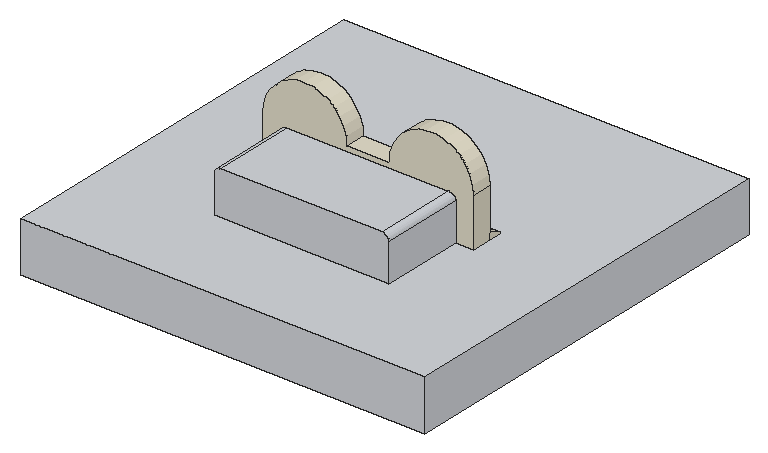
Revit family
Parameters (values of type "3772")
  Waste Connection = yes
  WFU = 0
  Vent Connection = no
  VP - Vinylclad Enclosure Specify: (Gray (Std.), Black, White) = no
  URL = "http://www.acorneng.com/uploads/fileLibrary/3772.pdf"
  Type Comments = ""
  Tempered Water Connection = no
  ST - Single Temperature Valve = no
  SPX - 16 Gage Stainless Steel Enclosure = no
  SO-BAT - Sensor Operation, Battery Powered (Batteries Not Included) = no
  SO - Sensor Operation = no
  SES - Scalloped Enclosure Style = no
  Revised Date = "19/06/2014"
  RSS - Right Side Splash (Only Available with -ECR) = no
  RSA - Right Sidde Apron (Only Available with -ECR) = no
  RLD - Molded-in "D" Shape Corterra Basin (Specify Punching for-9, Valve by Others) -H34 Three Holes, 4" Centerset = yes
  RLD - Molded-in "D" Shape Corterra Basin (Specify Punching for -9, Valve by Others) -H38 Three Holes, 8" Centerset = yes
  RLD - Molded-in "D" Shape Corterra Basin (Specify Punching for -9, Valve by Others) - H24 Two Holes, 4" Centerset = yes
  RLD - Molded-in "D" Shape Corterra Basin ( Specify Punching for -9, Valve by Others) - H1 Single Hole Centered = yes
  Phone# = "626-336-4561"
  PPE - Programmable Piezo Pushbutton Electronic Metering = no
  PDM - Metering Liquid Soap Dispenser = no
  OCC - Optional Corterra Color - Specify:__ = no
  Model = "3772-1"
  Material = Default
  Manufacturer = "Acorn "
  LSS - Left Side Splash (Only Available with -ECL) = no
  LSA - Left Side Apron (Only Avilable with -ECL) = no
  JH - 31" Junior Rim Height (Not ADA Compliant Except as -1-JH-SES) = no
  HWFU = 0
  HW Connection = yes
  H - Hand Operation = no
  ECR - Extended Countertop - Right Hand, Specify ____ (120" maximum overall width) = no
  ECL - Extended Countertop - Left Hand, Specify ____ (120" maximum overall width) = no
  Designed By = "ATS"
  Description = "Acorn "
  Default Elevation = 34"
  CWFU = 0
  CW Connection = yes
  CSG - 4" Centerset Faucet with Gooseneck Spout & Wrist Blade Handles includes -RLD & H34 = no
  Assembly Code = "D2010400"
  9 - Less Spreayhead and Valves (Only Available with - RLD Basin) = no
  3772 - Meridian Corterra Curved Front Dual-Basin = yes
  2 - On-Floor, Wall Outlet = no
  1 - Off-Floor, Wall Outlet = no
Reference planes (in)
  plane 1 "Center (Front/Back)": y = 0
  plane 2: z = 0
  plane 3 "Center (Left/Right)": x = 0
  plane 4: x = 15
  plane 5: x = -15
  plane 6: x = 25
  plane 7: x = -25
  plane 8: y = -34
  plane 9: y = -24
  plane 10: x = 5
  plane 11: x = -5
  plane 12: y = 5.75
  plane 13: z = 21.5
  plane 14: y = -4.75
  plane 15: y = 3
  plane 16: y = -22
  plane 17: x = 2.5
  plane 18: x = -2.5
  plane 19: y = -14
  plane 20: x = -3.48638
  plane 21: z = 10.375
  plane 22: x = 20.705
  plane 23: x = -20.705
  plane 24: y = -24.5
  plane 25: x = 3.48638
Forms (in)
  Extrusion 1, solid
    sketch origin (0, 0, 0) x (1, 0, 0) y (0, 1, 0)
      loop
        line (-48, 48) -> (-48, -48) -> (48, -48) -> (48, 48) -> (-48, 48)
    from 0 to -12
  Extrusion 2, solid, material "Bone"
    sketch origin (0, 0, 0) x (1, 0, 0) y (0, 0, 1)
      loop
        line (-25, 0) -> (25, 0) -> (25, 11.5)
        arc (25, 11.5) -> (15, 21.5) -> (5, 11.5) r 10
        line (5, 11.5) -> (-5, 11.5)
        arc (-5, 11.5) -> (-15, 21.5) -> (-25, 11.5) r 10
        line (-25, 11.5) -> (-25, 0)
    from 0 to 4.75
  Sweep 3, void
    path origin (0, 0, 0) x (1, 0, 0) y (0, 0, 1)
      loop
        circle (15, 11.5) r 8.25
    profile origin (15, 0, 3.25) x (0, 0, 1) y (0, -1, 0)
      loop
        line (0, 0) -> (8, 0) -> (8, 3.25) -> (4.36289, 3.25)
        arc (4.36289, 3.25) -> (1.64272, 2.3482) -> (0, 0) r 4.55343
  Sweep 4, void
    path origin (0, 0, 0) x (-1, 0, 0) y (0, 0, 1)
      loop
        circle (15, 11.5) r 8.25
    profile origin (-15, 0, 3.25) x (0, 0, -1) y (0, -1, 0)
      loop
        arc (0, 0) -> (-1.64272, 2.3482) -> (-4.36289, 3.25) r 4.55343
        line (-4.36289, 3.25) -> (-8, 3.25) -> (-8, 0) -> (0, 0)
  Extrusion 5, void
    sketch origin (0, 0, 0) x (1, 0, 0) y (0, 0, 1)
      loop
        circle (-15, 11.50467) r 0.75
      loop
        circle (15, 11.50467) r 0.75
    from 0 to 4.45927
  Extrusion 6, solid, material "Bone"
    sketch origin (0, 0, 0) x (0, 1, 0) y (0, 0, 1)
      loop
        line (3, 0.0769) -> (3, 0.42433)
        arc (3, 0.42433) -> (2.98082, 0.48706) -> (2.92984, 0.52835) r 0.11218
        line (2.92984, 0.52835) -> (0, 1.71208) -> (0, 0) -> (2.9231, 0)
        arc (2.9231, 0) -> (2.97748, 0.02252) -> (3, 0.0769) r 0.0769
    from -25 to 25
  Extrusion 7, solid, material "Bone"
    sketch origin (0.29538, 0, 0) x (0, 1, 0) y (0, 0, -1)
      loop
        line (2.69854, -0.6218) -> (0, -1.71208) -> (0, -2.81375)
        arc (0, -2.81375) -> (0.59598, -3.22773) -> (1.12205, -3.72756) r 4.7556
        arc (1.12205, -3.72756) -> (3.12033, -7.52003) -> (3.05878, -11.8063) r 8.67526
        arc (3.05878, -11.8063) -> (3.08693, -11.94907) -> (3.21741, -12.01351) r 0.16432
        line (3.21741, -12.01351) -> (5.23826, -12.01351)
        arc (5.23826, -12.01351) -> (5.59962, -11.86409) -> (5.74994, -11.5031) r 0.51168
        arc (5.74994, -11.5031) -> (4.97956, -5.85064) -> (2.69854, -0.6218) r 20.74283
    from 13.29538 to 17.29538
  Extrusion 8, void
    sketch origin (0, 0, 0) x (1, 0, 0) y (0, 0, 1)
      loop
        line (-13.39845, 10.45684) -> (-13, 0.6218) -> (-12.73494, 0.6218) -> (-12.73494, 12.75) -> (-17.26506, 12.75) -> (-17.26506, 0.6218) -> (-17, 0.6218) -> (-16.60155, 10.45684)
        arc (-16.60155, 10.45684) -> (-15, 11.99482) -> (-13.39845, 10.45684) r 1.60287
    from -6.75547 to 0
  Extrusion 9, solid, material "Bone"
    sketch origin (-0.29538, 0, 0) x (0, 1, 0) y (0, 0, 1)
      loop
        arc (2.69854, 0.6218) -> (4.97956, 5.85064) -> (5.74994, 11.5031) r 20.74283
        arc (5.74994, 11.5031) -> (5.59962, 11.86409) -> (5.23826, 12.01351) r 0.51168
        line (5.23826, 12.01351) -> (3.21741, 12.01351)
        arc (3.21741, 12.01351) -> (3.08693, 11.94907) -> (3.05878, 11.8063) r 0.16432
        arc (3.05878, 11.8063) -> (3.12033, 7.52003) -> (1.12205, 3.72756) r 8.67526
        arc (1.12205, 3.72756) -> (0.59598, 3.22773) -> (0, 2.81375) r 4.7556
        line (0, 2.81375) -> (0, 1.71208) -> (2.69854, 0.6218)
    from 13.29538 to 17.29538
  Extrusion 10, void
    sketch origin (0, 0, 0) x (-1, 0, 0) y (0, 0, -1)
      loop
        arc (-13.39845, -10.45684) -> (-15, -11.99482) -> (-16.60155, -10.45684) r 1.60287
        line (-16.60155, -10.45684) -> (-17, -0.6218) -> (-17.26506, -0.6218) -> (-17.26506, -12.75) -> (-12.73494, -12.75) -> (-12.73494, -0.6218) -> (-13, -0.6218) -> (-13.39845, -10.45684)
    from -6.75547 to 0
  Extrusion 11, solid
    sketch origin (0, 0, 0) x (1, 0, 0) y (0, 1, 0)
      loop
        circle (2.5, -22) r 0.25
      loop
        circle (-2.5, -22) r 0.25
      loop
        circle (3.51362, -14) r 0.75
    from -0.34611 to 0.30226
  Extrusion 12, solid
    sketch origin (0, 0, 0) x (1, 0, 0) y (0, 0, 1)
      loop
        line (19.17375, 10.375) -> (-19.17375, 10.375)
        arc (-19.17375, 10.375) -> (-20.25651, 9.92651) -> (-20.705, 8.84375) r 1.53125
        line (-20.705, 8.84375) -> (-20.705, 0) -> (20.705, 0) -> (20.705, 8.84375)
        arc (20.705, 8.84375) -> (20.25651, 9.92651) -> (19.17375, 10.375) r 1.53125
    from 4.75 to 24.5
Cuts and joins
  Sweep 3, Sweep 4, Extrusion 5, Extrusion 8, Extrusion 10 cuts Extrusion 2
  Extrusion 8, Extrusion 10 cuts Extrusion 7
  Extrusion 10 cuts Extrusion 9
Lines and regions (in)
  Split face 1
    outline origin (20.705, 0, 10.375) x (-1, 0, 0) y (0, -1, 0)
      loop
        line (11.156, 4.75) -> (11.156, 24.5)
      loop
        line (30.254, 4.75) -> (30.254, 24.5)
      loop
        line (13.44, 4.75) -> (13.44, 24.5)
      loop
        line (27.97, 4.75) -> (27.97, 24.5)
Dimensions and locks (in)
  plane 5 to plane 4 = 30"
  plane 4 to plane 6 = 10"
  plane 5 to plane 7 = 10"
  plane 8 to plane 1 "Center (Front/Back)" = 34"
  plane 1 "Center (Front/Back)" to plane 9 = 24"  (x2)
  plane 12 to plane 1 "Center (Front/Back)" = 5 3/4"
  plane 1 "Center (Front/Back)" to plane 8 = 34"
  plane 13 to plane 2 = 21 1/2"  (x2)
  plane 7 to plane 6 = 50"
  plane 1 "Center (Front/Back)" to plane 14 = 4 3/4"
  plane 15 to plane 1 "Center (Front/Back)" = 3"
  plane 16 to plane 8 = 12"
  plane 3 "Center (Left/Right)" to plane 17 = 2 1/2"
  plane 19 to plane 8 = 20"
  plane 25 to plane 3 "Center (Left/Right)" = 3.48638"
  Extrusion 1 to plane 21 = 10 3/8"
  plane 6 to plane 22 = 4.295"
  plane 7 to plane 23 = 4.295"
  plane 24 to plane 8 = 9 1/2"
  aligned and locked: plane 2 to Extrusion 1
  aligned and locked: level to Extrusion 1
Connectors (in)
  piping at (3.51362, -14, -0.34611)
    settings: on Extrusion 11, index 1
  piping at (-2.5, -22, -0.34611)
    settings: on Extrusion 11, index 2
  piping at (2.5, -22, -0.34611)
    settings: on Extrusion 11, index 3
